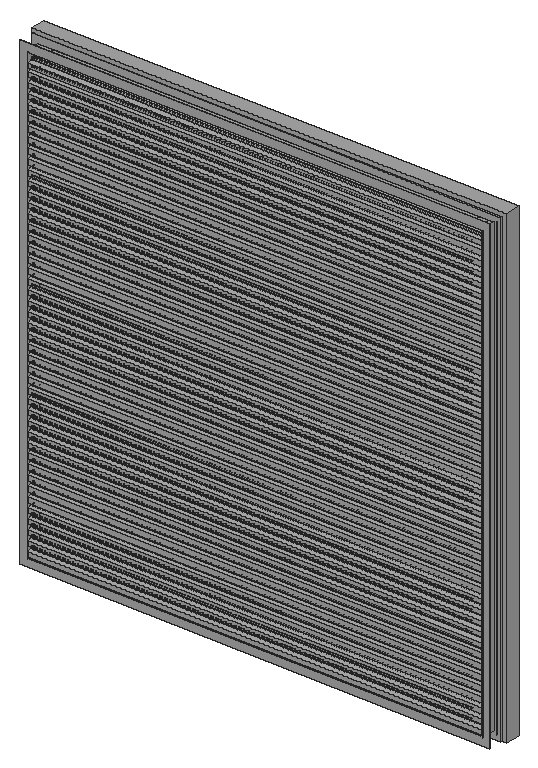
Revit family
Parameters (values of type "155-45")
  Weight = ""
  Warranty = "All materials and workmanship are warranted for a period of 1 year from date of completion."  # constant formula
  URL = "http://www.industriallouvers.com"
  Surface Finish = "Anodized, Baked Enamel or Kynar finish"  # constant formula
  Support Material = Aluminum
  Subcategory = "Thinline"  # constant formula
  Static Pressure Loss = ""
  Specifications  URL = "http://www.industriallouvers.com/downloads/Thinline/155-45_SD.doc"
  Screen Width [instance] = Louver Width - (2 * 0' 0 11/16")  # 3' - 10 5/8"
  Screen Material = Screen Material
  Screen Height [instance] = Louver Height - (2 * 0' 0 11/16")  # 3' - 10 5/8"
  SMARTBIM URL = "http://www.SMARTBIM.com"
  SMARTBIM Object Version = 3  # constant formula
  SMARTBIM Object Created By = "SMARTBIM, LLC"  # constant formula
  SMARTBIM Contact = "mailto:SMARTBIM@SMARTBIM.com"
  Product Submittal URL = "http://www.industriallouvers.com/downloads/Thinline/155-45_PS.pdf"
  Product Page URL = "http://www.industriallouvers.com/lv_thin.php"
  Number of Blades [instance] = (Louver Height - (0' 1 3/16" + 0' 1 13/32")) / 0' 1"  # 45
  Model = "155-45"  # constant formula
  Minimum Height = 0' - 8"  # constant formula
  Maximum Water Penetration = ""
  Maximum Size - Single Section [instance] = "One dimension not to exceed 72\" x 120\""
  Material = "Extruded aluminum, 6063-T6"  # constant formula
  Manufacturer Toll Free Phone = "1-800-328-3421"  # constant formula
  Manufacturer Phone = "763-972-2981"  # constant formula
  Manufacturer Fax = "763-972-2911"  # constant formula
  Manufacturer Email = "mailto:ilinfo@industriallouvers.com"
  Manufacturer Address = "511 S. 7th Street, Delano, MN 55328"  # constant formula
  Manufacturer = "Industrial Louvers, Inc."  # constant formula
  Maintenance = "http://www.industriallouvers.com/prod-forms/Maintenance%20Instructions.pdf"
  Louver Width [instance] = 4' - 0"
  Louver Height [instance] = 4' - 0"
  Installation URL = "http://www.industriallouvers.com/downloads/Thinline/155-45_II.pdf"
  Height [instance] = if(Louver Height < 0' 8", 0' 8", Louver Height)  # 4' - 0"
  Free Area for 48”x48” Louver = "46%"  # constant formula
  Free Area (ft²) for 48" x 48" Louver = "7.29"  # constant formula
  Frame Material = Aluminum
  Fill Material = Product Filling
  Description = "Thinline"  # constant formula
  Depth = 0' - 1 1/2"  # constant formula
  Default Elevation = 4' - 0"
  Cost Info = "Contact Factory"  # constant formula
  CAD Drawings = "http://www.industriallouvers.com/downloads/Thinline/155-45_ACD.dwg"
  Blade Width [instance] = Louver Width - (2 * 0' 0 3/4") - 2 * 0' 0 1/4"  # 3' - 10"
  Blade Region Height [instance] = (Blade Count) * 0' 1"  # 3' - 9"
  Blade Material = Aluminum
  Blade Count [instance] = if(((Louver Height - (0' 1 3/16" + 0' 1 13/32")) / 0' 1") < 2, 2, ((Louver Height - (0' 1 3/16" + 0' 1 13/32")) / 0' 1"))  # 45
  Assembly Code = "B2010300"
  95 CSI = "10200"  # constant formula
  04 CSI = "08 91 00"  # constant formula
Reference planes (in)
  plane 1 "Center (Front/Back)": y = -1
  plane 2: z = 0
  plane 3 "Center (Left/Right)": x = 0
  plane 4 "Back of Blade": y = -0.3125
  plane 5: z = 48
  plane 6: z = 46.1875
  plane 7 "Back of Screen": y = 0.0325
  plane 8: z = 24
  plane 9: x = -22.5
  plane 10: y = -2.25
  plane 11: z = 24
  plane 12: x = -24
  plane 13: x = 24
  plane 14: z = 1.1875
  plane 15: x = 22.5
  plane 16: z = 0.75
  plane 17: z = 47.25
  plane 18: y = -1.562
  plane 19: y = -1.24041
Forms (in)
  Sweep 1, solid, material "Aluminum" <- "Frame Material"
    path origin (0, -1, 0) x (1, 0, 0) y (0, 0, 1)
      loop
        line (-24, 48) -> (-24, 0) -> (24, 0) -> (24, 48) -> (-24, 48)
    profile origin (0, -1, 48) x (0, 0, 1) y (0, -1, 0)
      loop
        line (-1, 0.8125) -> (-1, -0.6245) -> (-1.5, -0.6245) -> (-1.5, -0.6875) -> (-0.25, -0.6875) -> (-0.25, -0.6245) -> (-0.937, -0.6245) -> (-0.937, 0.7495) -> (-0.25, 0.7495) -> (-0.25, 0.8125) -> (-1, 0.8125)
  Extrusion 2, solid, material "Aluminum" <- "Frame Material"
    sketch origin (10, -22.75594, 29.61826) x (-1, 0, 0) y (0, -1, 0)
      loop
        line (32.437, -22.38044) -> (32.5, -22.38044) -> (32.5, -21.75544) -> (31.5, -21.75544) -> (31.5, -22.38044) -> (31.563, -22.38044) -> (31.563, -21.81844) -> (32.437, -21.81844) -> (32.437, -22.38044)
    from -28.86826 to 17.38174
  Extrusion 3, solid, material "Aluminum" <- "Frame Material"
    sketch origin (-1.8, 22.75594, 29.61826) x (1, 0, 0) y (0, 1, 0)
      loop
        line (24.237, -23.13144) -> (24.237, -23.69344) -> (23.363, -23.69344) -> (23.363, -23.13144) -> (23.3, -23.13144) -> (23.3, -23.75644) -> (24.3, -23.75644) -> (24.3, -23.13144) -> (24.237, -23.13144)
    from -28.86826 to 17.38174
  Sweep 4, solid, material "Aluminum" <- "Frame Material"
    path origin (0, -1, 0) x (1, 0, 0) y (0, 0, 1)
      loop
        line (-24, 0) -> (24, 0) -> (24, 48) -> (-24, 48) -> (-24, 0)
    profile origin (-24, -1, 24) x (-1, 0, 0) y (0, -1, 0)
      loop
        line (-0.125, -2.5325) -> (0, -2.5325) -> (0, -1.0325) -> (-1.5, -1.0325) -> (-1.5, -1.1575) -> (-0.125, -1.1575) -> (-0.125, -2.5325)
Cuts and joins
  joined: Sweep 1, Extrusion 2, Extrusion 3
Dimensions and locks (in)
  equal spacing: plane 12, plane 3 "Center (Left/Right)", plane 13
  "Louver Width": plane 12 to plane 13
  cut or joined group of Sweep 1, Extrusion 2, Extrusion 3 to cut or joined group of Sweep 1, Extrusion 2, Extrusion 3 to cut or joined group of Sweep 1, Extrusion 2, Extrusion 3 to cut or joined group of Sweep 1, Extrusion 2, Extrusion 3 = 0' - 0.063" locked, 0' - 0.874" locked, 0' - 0.063" locked  (x2)
  "Height": plane 5 to level
  locked: plane 12 to plane 9 at 1.5
  locked: plane 15 to plane 13 at 1.5
  equal spacing: plane 5, plane 11, level
  locked: plane 16 to level at 0.75
  locked: plane 5 to plane 17 at 0.75
  locked: plane 14 to level at 1.1875
  "Blade Region Height": plane 6 to plane 14
  equal spacing: group 1, group 3, group 4, group 5, group 6, group 7, group 8, group 9, group 10, group 11, group 12, group 13, group 14, group 15, group 16, group 17, group 18, group 19, group 20, group 21, group 22, group 23, group 24, group 25, group 26, group 27, group 28, group 29, group 30, group 31, group 32, group 33, group 34, group 35, group 36, group 37, group 38, group 39, group 40, group 41, group 42, group 43, group 44, group 45, group 2  (x3)
  profile plane to Sweep 1 sketch curve = 0' - 0 1/4"
  Sweep 1 sketch curve to Sweep 1 sketch curve = 0' - 1 1/4"  (x2)
  locked: Sweep 1 sketch curve to Sweep 1 sketch curve at 1.25
  locked: Sweep 1 sketch curve to Sweep 1 sketch curve at 0.5
  locked: Sweep 1 sketch curve to Sweep 1 sketch curve at 0.063
  locked: Sweep 1 sketch curve to Sweep 1 sketch curve at 0.687
  locked: profile plane to Sweep 1 sketch curve at 0.25
  locked: plane 5 to cut or joined group of Sweep 1, Extrusion 2, Extrusion 3 at 1  (x2)
  aligned and locked: Sweep 1 sketch curve to level
  aligned: Sweep 1 to plane 7 "Back of Screen"
  aligned and locked: nested 1 to plane 7 "Back of Screen"
  aligned and locked: nested 1 to plane 4 "Back of Blade"
  aligned and locked: plane 3 "Center (Left/Right)" to nested 1
  aligned and locked: plane 11 to plane 8
  aligned and locked: plane 3 "Center (Left/Right)" to nested 2
  aligned: nested 2 to plane 4 "Back of Blade"
  aligned: plane 4 "Back of Blade" to Sweep 1
  aligned and locked: cut or joined group of Sweep 1, Extrusion 2, Extrusion 3 to plane 9
  aligned and locked: plane 15 to cut or joined group of Sweep 1, Extrusion 2, Extrusion 3
  aligned and locked: plane 12 to Sweep 1 sketch curve
  aligned and locked: Sweep 1 sketch curve to plane 13
  aligned and locked: plane 5 to Sweep 1 sketch curve
  aligned and locked: plane 11 to nested 1
  aligned and locked: plane 16 to cut or joined group of Sweep 1, Extrusion 2, Extrusion 3  (x2)
  aligned: cut or joined group of Sweep 1, Extrusion 2, Extrusion 3 to plane 17  (x2)
  aligned: plane 18 to nested 2
  aligned: plane 14 to nested 2
  aligned: plane 6 to nested 3  (x2)
  aligned and locked: Sweep 4 sketch curve to plane 12  (x2)
  aligned and locked: Sweep 4 sketch curve to plane 5
  aligned and locked: plane 13 to Sweep 4 sketch curve
  aligned and locked: Sweep 4 sketch curve to level
  aligned and locked: plane 7 "Back of Screen" to Sweep 4 sketch curve
  aligned: nested 3 to cut or joined group of Sweep 1, Extrusion 2, Extrusion 3  (x3)
  aligned and locked: plane 14 to nested 2
  aligned and locked: plane 6 to nested 3
  aligned and locked: plane 3 "Center (Left/Right)" to nested 3
  aligned and locked: plane 3 "Center (Left/Right)" to nested 47
  aligned and locked: nested 47 to cut or joined group of Sweep 1, Extrusion 2, Extrusion 3  (x2)
Automatic sketch dimensions
  Sweep 1 sketch curve to plane 1 "Center (Front/Back)" = 0' - 0 11/16"
  Sweep 1 sketch curve to Sweep 1 sketch curve = 0' - 0.063"  (x2)
  Sweep 1 sketch curve to Sweep 1 sketch curve = 0' - 0"
  plane 1 "Center (Front/Back)" to Sweep 1 sketch curve = 0' - 0.7495"
  Extrusion 2 sketch curve to plane 9 = 0' - 0"
  plane 9 to Extrusion 2 sketch curve = 0' - 0.063"
  Extrusion 2 sketch curve to plane 1 "Center (Front/Back)" = 0' - 0 1/16"
  Extrusion 2 sketch curve to Extrusion 2 sketch curve = 0' - 0.874"
  plane 1 "Center (Front/Back)" to Extrusion 2 sketch curve = 0' - 0.0005"
  Extrusion 2 sketch curve to Extrusion 2 sketch curve = 0' - 0.063"
  Extrusion 2 sketch curve to plane 4 "Back of Blade" = 0' - 0.063"  (x2)
  Extrusion 3 sketch curve to plane 15 = 0' - 0"
  Extrusion 3 sketch curve to Extrusion 3 sketch curve = 0' - 0.063"  (x2)
  Extrusion 3 sketch curve to plane 1 "Center (Front/Back)" = 0' - 0 1/16"
  Extrusion 3 sketch curve to Extrusion 3 sketch curve = 0' - 0.874"
  plane 1 "Center (Front/Back)" to Extrusion 3 sketch curve = 0' - 0.0005"
  Extrusion 3 sketch curve to plane 4 "Back of Blade" = 0' - 0.063"  (x2)
  profile plane to Sweep 4 sketch curve = 0' - 0 1/8"
  Sweep 4 sketch curve to Sweep 4 sketch curve = 0' - 1 3/8"  (x2)
  Sweep 4 sketch curve to Sweep 4 sketch curve = 0' - 0 1/8"
Nested families (in)
  nested 1: "Louver Screen" at (18, -0.3125, 0.6875), Height <- "Screen Height", Width <- "Screen Width", type "Louver Screen"
    with Width 3' - 10 5/8", Height 3' - 10 5/8", Depth 0' - 0.345"
  nested 2: "Louver-Blade_1516_IndustrialLouver" at (0, -0.55937, 1.1875), type "Louver-Blade_1516_IndustrialLouver"
  nested 3: "Louver-Blade_1516_IndustrialLouver" at (0, -0.55937, 44.66932), type "Louver-Blade_1516_IndustrialLouver"
  nested 4: "Louver-Blade_1516_IndustrialLouver" at (0, -0.55936, 2.17572), type "Louver-Blade_1516_IndustrialLouver"
  nested 5: "Louver-Blade_1516_IndustrialLouver" at (0, -0.55936, 3.16395), type "Louver-Blade_1516_IndustrialLouver"
  nested 6: "Louver-Blade_1516_IndustrialLouver" at (0, -0.55936, 4.15217), type "Louver-Blade_1516_IndustrialLouver"
  nested 7: "Louver-Blade_1516_IndustrialLouver" at (0, -0.55935, 5.14039), type "Louver-Blade_1516_IndustrialLouver"
  nested 8: "Louver-Blade_1516_IndustrialLouver" at (0, -0.55935, 6.12862), type "Louver-Blade_1516_IndustrialLouver"
  nested 9: "Louver-Blade_1516_IndustrialLouver" at (0, -0.55935, 7.11684), type "Louver-Blade_1516_IndustrialLouver"
  nested 10: "Louver-Blade_1516_IndustrialLouver" at (0, -0.55935, 8.10506), type "Louver-Blade_1516_IndustrialLouver"
  nested 11: "Louver-Blade_1516_IndustrialLouver" at (0, -0.55935, 9.09329), type "Louver-Blade_1516_IndustrialLouver"
  nested 12: "Louver-Blade_1516_IndustrialLouver" at (0, -0.55935, 10.08151), type "Louver-Blade_1516_IndustrialLouver"
  nested 13: "Louver-Blade_1516_IndustrialLouver" at (0, -0.55935, 11.06973), type "Louver-Blade_1516_IndustrialLouver"
  nested 14: "Louver-Blade_1516_IndustrialLouver" at (0, -0.55935, 12.05795), type "Louver-Blade_1516_IndustrialLouver"
  nested 15: "Louver-Blade_1516_IndustrialLouver" at (0, -0.55935, 13.04618), type "Louver-Blade_1516_IndustrialLouver"
  nested 16: "Louver-Blade_1516_IndustrialLouver" at (0, -0.55935, 14.0344), type "Louver-Blade_1516_IndustrialLouver"
  nested 17: "Louver-Blade_1516_IndustrialLouver" at (0, -0.55935, 15.02262), type "Louver-Blade_1516_IndustrialLouver"
  nested 18: "Louver-Blade_1516_IndustrialLouver" at (0, -0.55935, 16.01085), type "Louver-Blade_1516_IndustrialLouver"
  nested 19: "Louver-Blade_1516_IndustrialLouver" at (0, -0.55934, 16.99907), type "Louver-Blade_1516_IndustrialLouver"
  nested 20: "Louver-Blade_1516_IndustrialLouver" at (0, -0.55934, 17.98729), type "Louver-Blade_1516_IndustrialLouver"
  nested 21: "Louver-Blade_1516_IndustrialLouver" at (0, -0.55934, 18.97552), type "Louver-Blade_1516_IndustrialLouver"
  nested 22: "Louver-Blade_1516_IndustrialLouver" at (0, -0.55934, 19.96374), type "Louver-Blade_1516_IndustrialLouver"
  nested 23: "Louver-Blade_1516_IndustrialLouver" at (0, -0.55934, 20.95196), type "Louver-Blade_1516_IndustrialLouver"
  nested 24: "Louver-Blade_1516_IndustrialLouver" at (0, -0.55934, 21.94019), type "Louver-Blade_1516_IndustrialLouver"
  nested 25: "Louver-Blade_1516_IndustrialLouver" at (0, -0.55934, 22.92841), type "Louver-Blade_1516_IndustrialLouver"
  nested 26: "Louver-Blade_1516_IndustrialLouver" at (0, -0.55934, 23.91663), type "Louver-Blade_1516_IndustrialLouver"
  nested 27: "Louver-Blade_1516_IndustrialLouver" at (0, -0.55934, 24.90486), type "Louver-Blade_1516_IndustrialLouver"
  nested 28: "Louver-Blade_1516_IndustrialLouver" at (0, -0.55934, 25.89308), type "Louver-Blade_1516_IndustrialLouver"
  nested 29: "Louver-Blade_1516_IndustrialLouver" at (0, -0.55934, 26.8813), type "Louver-Blade_1516_IndustrialLouver"
  nested 30: "Louver-Blade_1516_IndustrialLouver" at (0, -0.55934, 27.86952), type "Louver-Blade_1516_IndustrialLouver"
  nested 31: "Louver-Blade_1516_IndustrialLouver" at (0, -0.55933, 28.85775), type "Louver-Blade_1516_IndustrialLouver"
  nested 32: "Louver-Blade_1516_IndustrialLouver" at (0, -0.55933, 29.84597), type "Louver-Blade_1516_IndustrialLouver"
  nested 33: "Louver-Blade_1516_IndustrialLouver" at (0, -0.55933, 30.83419), type "Louver-Blade_1516_IndustrialLouver"
  nested 34: "Louver-Blade_1516_IndustrialLouver" at (0, -0.55933, 31.82242), type "Louver-Blade_1516_IndustrialLouver"
  nested 35: "Louver-Blade_1516_IndustrialLouver" at (0, -0.55933, 32.81064), type "Louver-Blade_1516_IndustrialLouver"
  nested 36: "Louver-Blade_1516_IndustrialLouver" at (0, -0.55933, 33.79886), type "Louver-Blade_1516_IndustrialLouver"
  nested 37: "Louver-Blade_1516_IndustrialLouver" at (0, -0.55933, 34.78709), type "Louver-Blade_1516_IndustrialLouver"
  nested 38: "Louver-Blade_1516_IndustrialLouver" at (0, -0.55933, 35.77531), type "Louver-Blade_1516_IndustrialLouver"
  nested 39: "Louver-Blade_1516_IndustrialLouver" at (0, -0.55933, 36.76353), type "Louver-Blade_1516_IndustrialLouver"
  nested 40: "Louver-Blade_1516_IndustrialLouver" at (0, -0.55933, 37.75176), type "Louver-Blade_1516_IndustrialLouver"
  nested 41: "Louver-Blade_1516_IndustrialLouver" at (0, -0.55933, 38.73998), type "Louver-Blade_1516_IndustrialLouver"
  nested 42: "Louver-Blade_1516_IndustrialLouver" at (0, -0.55933, 39.7282), type "Louver-Blade_1516_IndustrialLouver"
  nested 43: "Louver-Blade_1516_IndustrialLouver" at (0, -0.55933, 40.71643), type "Louver-Blade_1516_IndustrialLouver"
  nested 44: "Louver-Blade_1516_IndustrialLouver" at (0, -0.55932, 41.70465), type "Louver-Blade_1516_IndustrialLouver"
  nested 45: "Louver-Blade_1516_IndustrialLouver" at (0, -0.55932, 42.69287), type "Louver-Blade_1516_IndustrialLouver"
  nested 46: "Louver-Blade_1516_IndustrialLouver" at (0, -0.55932, 43.68109), type "Louver-Blade_1516_IndustrialLouver"
  nested 47: "head" at (0, -0.63032, 45.46599), type "head"
    with Width 3' - 10"
Connectors (in)
  hvac at (0, 0.1575, 24), driven by "Louver Height", driven by "Louver Width"
    settings: on Sweep 4, index 1, duct flow 0 CFM, flow factor 0, pres drop 0.00 in-wg, loss coef 0, conn angle 0.00°, conn width 48", conn height 48", conn radius 12", duct sys type 1, conn prof type 1, flow config 0, flow direction 0, loss method 0, conn ref index -1, conn util no, is conn primary yes, conn desc ""
Definition of nested family "Louver Screen"
  Parameters (values of type "Louver Screen")
    Width [instance] = 5' - 0"
    Screen Frame = Aluminum
    Screen = Screen Material
    Height [instance] = 2' - 0"
    Depth [instance] = 0' - 0.44852"
    Assembly Code = ""
  Reference planes (in)
    plane 1 "Front": y = 0
    plane 2: z = 0
    plane 3 "Center (Left/Right)": x = -18
    plane 4: x = -48
    plane 5: x = 12
    plane 6: z = 24
    plane 7: x = -47.25
    plane 8: x = 11.25
    plane 9: z = 23.25
    plane 10: z = 0.75
    plane 11 "Back": y = 0.44852
    plane 12 "Center (Front/Back)": y = 0.22426
    plane 13: y = 0.19301
    plane 14: y = 0.25551
    plane 15: z = 12
  Forms (in)
    Sweep 1, solid, material "Aluminum" <- "Screen Frame"
      path origin (0, 0, 0) x (1, 0, 0) y (0, 0, 1)
        loop
          line (-48, 24) -> (-48, 0) -> (12, 0) -> (12, 24) -> (-48, 24)
      profile origin (-18, 0, 24) x (0, 0, 1) y (0, -1, 0)
        loop
          line (0, 0) -> (-0.75, 0) -> (-0.75, -0.44852) -> (0, -0.44852) -> (0, 0)
    Extrusion 2, solid, material "Screen Material" <- "Screen"
      sketch origin (0, 0, 0) x (1, 0, 0) y (0, 0, 1)
        loop
          line (-47.25, 0.75) -> (11.25, 0.75) -> (11.25, 23.25) -> (-47.25, 23.25) -> (-47.25, 0.75)
      from -0.19301 to -0.25551
  Dimensions and locks (in)
    equal spacing: plane 4, plane 3 "Center (Left/Right)", plane 5
    "Width": plane 4 to plane 5
    "Height": plane 6 to level
    locked: Sweep 1 sketch curve to Sweep 1 sketch curve at 0.75
    locked: plane 6 to plane 9 at 0.75
    locked: plane 4 to plane 7 at 0.75
    locked: plane 5 to plane 8 at 0.75
    locked: plane 10 to level at 0.75
    "Depth": plane 1 "Front" to plane 11 "Back"
    equal spacing: plane 1 "Front", plane 12 "Center (Front/Back)", plane 11 "Back"
    plane 14 to plane 12 "Center (Front/Back)" to plane 13 = 0' - 0 1/32" locked, 0' - 0 1/32" locked
    equal spacing: plane 6, plane 15, level
    aligned and locked: Sweep 1 sketch curve to plane 6
    aligned and locked: Sweep 1 sketch curve to plane 4
    aligned and locked: Sweep 1 sketch curve to level
    aligned and locked: Sweep 1 sketch curve to plane 5
    aligned and locked: Extrusion 2 sketch curve to plane 7
    aligned and locked: Extrusion 2 sketch curve to plane 9
    aligned and locked: Extrusion 2 sketch curve to plane 10
    aligned and locked: Extrusion 2 sketch curve to plane 8
    aligned and locked: plane 11 "Back" to Sweep 1
    aligned and locked: plane 1 "Front" to Sweep 1 sketch curve
    aligned and locked: plane 11 "Back" to Sweep 1 sketch curve
    aligned and locked: plane 14 to Extrusion 2
    aligned and locked: Extrusion 2 to plane 13
  Automatic sketch dimensions
    profile plane to Sweep 1 sketch curve = 0' - 0"
Definition of nested family "Louver-Blade_1516_IndustrialLouver"
  Parameters (values of type "Louver-Blade_1516_IndustrialLouver")
    Width = 3' - 10"
    Fill Material = Product Filling
    Blade Material = Aluminum
    Assembly Code = ""
  Reference planes (in)
    plane 1 "Center (Front/Back)": y = 0
    plane 2: z = 0
    plane 3 "Center (Left/Right)": x = 0
    plane 4: x = -23
    plane 5: x = 23
    plane 6: z = 0.43273
    plane 7: z = 1.51818
  Forms (in)
    Extrusion 1, solid, material "Aluminum" <- "Blade Material"
      sketch origin (0, 0, 0.11613) x (0, 1, 0) y (0, 0, 1)
        loop
          line (0.11364, 1.40205) -> (-0.50438, 1.04524) -> (-0.50438, 0.9725) -> (-0.44138, 1.00887) -> (-0.44138, 0.84665) -> (-0.71054, 0.69125)
          arc (-0.71054, 0.69125) -> (-0.87735, 0.71503) -> (-0.94016, 0.55867) r 0.1365
          line (-0.94016, 0.55867) -> (-1.25313, 0.37798) -> (-1.25313, -0.12202) -> (-1.12813, -0.04985) -> (-1.12813, 0.0229) -> (-1.19013, -0.0129) -> (-1.19013, 0.34161) -> (-0.90904, 0.5039)
          arc (-0.90904, 0.5039) -> (-0.88197, 0.48141) -> (-0.85005, 0.46661) r 0.13618
          arc (-0.85005, 0.46661) -> (-0.81055, 0.48721) -> (-0.83115, 0.5267) r 0.0315
          arc (-0.83115, 0.5267) -> (-0.84585, 0.66047) -> (-0.73736, 0.58086) r 0.0735
          arc (-0.73736, 0.58086) -> (-0.71346, 0.54327) -> (-0.67586, 0.56716) r 0.0315
          arc (-0.67586, 0.56716) -> (-0.67272, 0.60221) -> (-0.67869, 0.63689) r 0.13576
          line (-0.67869, 0.63689) -> (-0.37838, 0.81028) -> (-0.37838, 1.04524) -> (-0.19537, 1.1509)
          arc (-0.19537, 1.1509) -> (-0.18035, 1.15314) -> (-0.17107, 1.14113) r 0.015
          arc (-0.17107, 1.14113) -> (-0.14038, 1.07083) -> (-0.07662, 1.02819) r 0.1365
          arc (-0.07662, 1.02819) -> (-0.03712, 1.04878) -> (-0.05772, 1.08828) r 0.0315
          arc (-0.05772, 1.08828) -> (-0.07242, 1.22205) -> (0.03608, 1.14244) r 0.0735
          arc (0.03608, 1.14244) -> (0.05998, 1.10485) -> (0.09757, 1.12876) r 0.0315
          arc (0.09757, 1.12876) -> (0.09252, 1.20529) -> (0.04699, 1.26702) r 0.1365
          arc (0.04699, 1.26702) -> (0.04122, 1.28107) -> (0.05067, 1.29295) r 0.015
          line (0.05067, 1.29295) -> (0.17664, 1.36568) -> (0.17664, 1.86568) -> (0.05164, 1.79351) -> (0.05164, 1.72077) -> (0.11364, 1.75656) -> (0.11364, 1.40205)
      from -23 to 23
  Dimensions and locks (in)
    equal spacing: plane 4, plane 3 "Center (Left/Right)", plane 5
    "Width": plane 4 to plane 5
    aligned and locked: Extrusion 1 to plane 4
    aligned and locked: plane 5 to Extrusion 1
  Automatic sketch dimensions
    Extrusion 1 sketch curve to Extrusion 1 sketch curve = 0' - 0"  (x18)
    plane 7 to Extrusion 1 sketch curve = 0' - 0.39146"
    Extrusion 1 sketch curve to plane 1 "Center (Front/Back)" = 0' - 0.05164"
    plane 7 to Extrusion 1 sketch curve = 0' - 0.31871"
    plane 7 to Extrusion 1 sketch curve = 0' - 0.35451"
    Extrusion 1 sketch curve to Extrusion 1 sketch curve = 0' - 0.062"  (x3)
    plane 7 to Extrusion 1 sketch curve = 0' - 0.46363"
    Extrusion 1 sketch curve to Extrusion 1 sketch curve = 0' - 0.063"  (x8)
    Extrusion 1 sketch curve to plane 7 = 0' - 0.03637"
    plane 6 to Extrusion 1 sketch curve = 0' - 0.06139"
    Extrusion 1 sketch curve to level = 0' - 0.00589"
    plane 6 to Extrusion 1 sketch curve = 0' - 0.02501"
    level to Extrusion 1 sketch curve = 0' - 0.10323"
    level to Extrusion 1 sketch curve = 0' - 0.13903"
    level to Extrusion 1 sketch curve = 0' - 0.06628"
    Extrusion 1 sketch curve to Extrusion 1 sketch curve = 0' - 0.24996"
    Extrusion 1 sketch curve to Extrusion 1 sketch curve = 0' - 0.03112"
    Extrusion 1 sketch curve to Extrusion 1 sketch curve = 0' - 0.05899"
    Extrusion 1 sketch curve to Extrusion 1 sketch curve = 0' - 0.00945"  (x3)
    Extrusion 1 sketch curve to Extrusion 1 sketch curve = 0' - 0.02194"
    Extrusion 1 sketch curve to Extrusion 1 sketch curve = 0' - 0.00011"
    Extrusion 1 sketch curve to Extrusion 1 sketch curve = 0' - 0.00074"
    Extrusion 1 sketch curve to Extrusion 1 sketch curve = 0' - 0.07101"
    plane 6 to Extrusion 1 sketch curve = 0' - 0.37465"
    Extrusion 1 sketch curve to Extrusion 1 sketch curve = 0' - 0.02682"
    Extrusion 1 sketch curve to Extrusion 1 sketch curve = 0' - 0.03075"
    plane 6 to Extrusion 1 sketch curve = 0' - 0 41/128"
    Extrusion 1 sketch curve to Extrusion 1 sketch curve = 0' - 0.03185"
    Extrusion 1 sketch curve to Extrusion 1 sketch curve = 0' - 0.03074"
    Extrusion 1 sketch curve to Extrusion 1 sketch curve = 0' - 0.20616"
    Extrusion 1 sketch curve to Extrusion 1 sketch curve = 0' - 0.18301"
    Extrusion 1 sketch curve to Extrusion 1 sketch curve = 0' - 0.00942"
    Extrusion 1 sketch curve to Extrusion 1 sketch curve = 0' - 0.01488"
    Extrusion 1 sketch curve to Extrusion 1 sketch curve = 0' - 0.09445"
    Extrusion 1 sketch curve to Extrusion 1 sketch curve = 0' - 0.02205"
    Extrusion 1 sketch curve to plane 1 "Center (Front/Back)" = 0' - 0.03608"
    Extrusion 1 sketch curve to plane 1 "Center (Front/Back)" = 0' - 0.04699"
    Extrusion 1 sketch curve to Extrusion 1 sketch curve = 0' - 0.00368"
    Extrusion 1 sketch curve to Extrusion 1 sketch curve = 0' - 0.00908"
    Extrusion 1 sketch curve to plane 1 "Center (Front/Back)" = 0' - 0.06682"
    plane 6 to Extrusion 1 sketch curve = 0' - 0.15001"
    Extrusion 1 sketch curve to Extrusion 1 sketch curve = 0' - 0.03005"  (x2)
    Extrusion 1 sketch curve to Extrusion 1 sketch curve = 0' - 0.17338"
    Extrusion 1 sketch curve to Extrusion 1 sketch curve = 0' - 0.03637"  (x3)
    Extrusion 1 sketch curve to Extrusion 1 sketch curve = 0' - 0.12585"
    Extrusion 1 sketch curve to Extrusion 1 sketch curve = 0' - 0.01932"
    Extrusion 1 sketch curve to Extrusion 1 sketch curve = 0' - 0.07275"
    Extrusion 1 sketch curve to Extrusion 1 sketch curve = 0' - 0.07175"
    Extrusion 1 sketch curve to plane 7 = 0' - 0"
    Extrusion 1 sketch curve to plane 1 "Center (Front/Back)" = 0' - 0.11364"
Definition of nested family "head"
  Parameters (values of type "head")
    Width = 5' - 10"
    Fill Material = Product Filling
    Blade Material = Aluminum
    Assembly Code = ""
  Reference planes (in)
    plane 1 "Center (Front/Back)": y = 0
    plane 2: z = 0
    plane 3 "Center (Left/Right)": x = 0
    plane 4: x = -35
    plane 5: x = 35
    plane 6: z = 0.43273
    plane 7: z = 1.53401
  Forms (in)
    Extrusion 1, solid, material "Aluminum" <- "Blade Material"
      sketch origin (0, 0, 0.11613) x (0, 1, 0) y (0, 0, 1)
        loop
          line (0.15383, 1.41788) -> (-0.46418, 1.06107) -> (-0.46418, 0.98832) -> (-0.40118, 1.02469) -> (-0.40118, 0.80835) -> (-0.57659, 0.70707)
          arc (-0.57659, 0.70707) -> (-0.74341, 0.73086) -> (-0.80622, 0.5745) r 0.1365
          line (-0.80622, 0.5745) -> (-1.11918, 0.39381) -> (-1.11918, -0.10619) -> (-0.99418, -0.03402) -> (-0.99418, 0.03872) -> (-1.05618, 0.00293) -> (-1.05618, 0.35743) -> (-0.77509, 0.51972)
          arc (-0.77509, 0.51972) -> (-0.74803, 0.49723) -> (-0.7161, 0.48243) r 0.13618
          arc (-0.7161, 0.48243) -> (-0.67661, 0.50303) -> (-0.69721, 0.54253) r 0.0315
          arc (-0.69721, 0.54253) -> (-0.71191, 0.6763) -> (-0.60341, 0.59668) r 0.0735
          arc (-0.60341, 0.59668) -> (-0.57951, 0.55909) -> (-0.54192, 0.58298) r 0.0315
          arc (-0.54192, 0.58298) -> (-0.53877, 0.61803) -> (-0.54474, 0.65271) r 0.13576
          line (-0.54474, 0.65271) -> (-0.33818, 0.77197) -> (-0.33818, 1.06107) -> (-0.15517, 1.16673)
          arc (-0.15517, 1.16673) -> (-0.14016, 1.16897) -> (-0.13088, 1.15695) r 0.015
          arc (-0.13088, 1.15695) -> (-0.10018, 1.08665) -> (-0.03642, 1.04401) r 0.1365
          arc (-0.03642, 1.04401) -> (0.00308, 1.06461) -> (-0.01752, 1.10411) r 0.0315
          arc (-0.01752, 1.10411) -> (-0.03222, 1.23787) -> (0.07627, 1.15826) r 0.0735
          arc (0.07627, 1.15826) -> (0.10018, 1.12067) -> (0.13777, 1.14458) r 0.0315
          arc (0.13777, 1.14458) -> (0.13272, 1.22112) -> (0.08719, 1.28285) r 0.1365
          arc (0.08719, 1.28285) -> (0.08142, 1.29689) -> (0.09087, 1.30878) r 0.015
          line (0.09087, 1.30878) -> (0.27983, 1.41788) -> (0.15383, 1.41788)
      from -35 to 35
  Dimensions and locks (in)
    equal spacing: plane 4, plane 3 "Center (Left/Right)", plane 5
    "Width": plane 4 to plane 5
    aligned and locked: Extrusion 1 to plane 4
    aligned and locked: plane 5 to Extrusion 1
    aligned and locked: plane 7 to Extrusion 1
  Automatic sketch dimensions
    Extrusion 1 sketch curve to Extrusion 1 sketch curve = 0' - 0"  (x18)
    plane 6 to Extrusion 1 sketch curve = 0' - 0.07721"
    plane 1 "Center (Front/Back)" to Extrusion 1 sketch curve = 0' - 1.11918"
    Extrusion 1 sketch curve to Extrusion 1 sketch curve = 0' - 0.063"  (x3)
    level to Extrusion 1 sketch curve = 0' - 0.15485"
    Extrusion 1 sketch curve to Extrusion 1 sketch curve = 0' - 0.062"
    plane 6 to Extrusion 1 sketch curve = 0' - 0.2579"
    Extrusion 1 sketch curve to Extrusion 1 sketch curve = 0' - 0.24996"
    Extrusion 1 sketch curve to Extrusion 1 sketch curve = 0' - 0.03112"
    Extrusion 1 sketch curve to Extrusion 1 sketch curve = 0' - 0.05899"
    Extrusion 1 sketch curve to Extrusion 1 sketch curve = 0' - 0.00945"  (x2)
    Extrusion 1 sketch curve to Extrusion 1 sketch curve = 0' - 0.02194"
    Extrusion 1 sketch curve to Extrusion 1 sketch curve = 0' - 0.00011"
    Extrusion 1 sketch curve to Extrusion 1 sketch curve = 0' - 0.00074"
    Extrusion 1 sketch curve to Extrusion 1 sketch curve = 0' - 0.07101"
    plane 6 to Extrusion 1 sketch curve = 0' - 0.39048"
    Extrusion 1 sketch curve to Extrusion 1 sketch curve = 0' - 0.02682"
    Extrusion 1 sketch curve to Extrusion 1 sketch curve = 0' - 0.03075"  (x2)
    plane 6 to Extrusion 1 sketch curve = 0' - 0.33612"
    Extrusion 1 sketch curve to Extrusion 1 sketch curve = 0' - 0.03185"
    Extrusion 1 sketch curve to Extrusion 1 sketch curve = 0' - 0.03074"
    Extrusion 1 sketch curve to Extrusion 1 sketch curve = 0' - 0.11241"
    plane 1 "Center (Front/Back)" to Extrusion 1 sketch curve = 0' - 0.15517"
    Extrusion 1 sketch curve to Extrusion 1 sketch curve = 0' - 0.00942"
    Extrusion 1 sketch curve to Extrusion 1 sketch curve = 0' - 0.01488"
    plane 1 "Center (Front/Back)" to Extrusion 1 sketch curve = 0' - 0.03642"
    plane 1 "Center (Front/Back)" to Extrusion 1 sketch curve = 0' - 0.02697"
    Extrusion 1 sketch curve to plane 1 "Center (Front/Back)" = 0' - 0.00453"
    Extrusion 1 sketch curve to Extrusion 1 sketch curve = 0' - 0.07175"
    Extrusion 1 sketch curve to plane 1 "Center (Front/Back)" = 0' - 0.08719"
    Extrusion 1 sketch curve to Extrusion 1 sketch curve = 0' - 0.00368"
    Extrusion 1 sketch curve to Extrusion 1 sketch curve = 0' - 0.00908"
    Extrusion 1 sketch curve to Extrusion 1 sketch curve = 0' - 0.06296"
    Extrusion 1 sketch curve to Extrusion 1 sketch curve = 0' - 0.126"
    Extrusion 1 sketch curve to Extrusion 1 sketch curve = 0' - 0.0358"
    Extrusion 1 sketch curve to Extrusion 1 sketch curve = 0' - 0.03695"
    level to Extrusion 1 sketch curve = 0' - 0.00994"
    Extrusion 1 sketch curve to Extrusion 1 sketch curve = 0' - 0.03637"  (x4)
    Extrusion 1 sketch curve to Extrusion 1 sketch curve = 0' - 0.09207"
    Extrusion 1 sketch curve to Extrusion 1 sketch curve = 0' - 0.11926"
    Extrusion 1 sketch curve to Extrusion 1 sketch curve = 0' - 0.17997"
    Extrusion 1 sketch curve to Extrusion 1 sketch curve = 0' - 0.07275"
    Extrusion 1 sketch curve to Extrusion 1 sketch curve = 0' - 0.03005"
    Extrusion 1 sketch curve to Extrusion 1 sketch curve = 0' - 0.01706"
    Extrusion 1 sketch curve to Extrusion 1 sketch curve = 0' - 0.1091"
